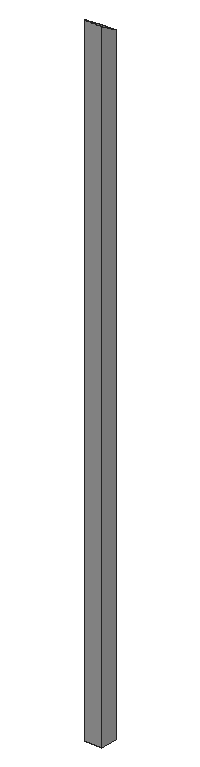
Revit family "Post_Square", category Balusters, Revit 2024
Family settings
  Always vertical = Yes
  Cut with Voids When Loaded = No
  Shared = No
Parameters (values of type "20mm")
  built-in parameter 1008623 [instance] = 32.47°
  built-in parameter 1008625 [instance] = (empty or 0)
  Post = no
  Material = _Default - Metal
  Width = 20 mm
  EA_Repath [instance] = 0 mm
  built-in parameter 1008624 [instance] = (empty or 0)
  built-in parameter 1008622 [instance] = 762 mm
Reference planes
  plane 1 "Center (Front/Back)": y = 0
  plane 2: z = 0
  plane 3 "Center (Left/Right)": x = 0
  plane 4: z = 762
  plane 5 "Baluster Top": through (0, 345.134, 542.379) normal (0, -0.5369, -0.8437)
  plane 6: z = 990.6
Forms (mm)
  Extrusion 1, solid, material "_Default - Metal" <- "Material"
    sketch origin (0, 0, 0) x (1, 0, 0) y (0, 1, 0)
      loop
        line (-10, 10) -> (-10, -10) -> (10, -10) -> (10, 10) -> (-10, 10)
    from 0 to 990.6
  Extrusion 2, void
    sketch origin (0, 0, 0) x (0, 1, 0) y (0, 0, 1)
      loop
        line (-35.4, 990.6) -> (-35.4, 784.526) -> (35.4, 739.474) -> (35.4, 990.6) -> (-35.4, 990.6)
    from -47.205 to 47.226
Cuts and joins
  Extrusion 2 cuts Extrusion 1
Dimensions and locks
  "built-in parameter 1008622": plane 2 to plane 4
  locked: plane 4 to plane 6 at 228.6
  equal spacing: Extrusion 1 sketch curve, plane 3 "Center (Left/Right)", Extrusion 1 sketch curve
  equal spacing: Extrusion 1 sketch curve, plane 1 "Center (Front/Back)", Extrusion 1 sketch curve
  "Width": Extrusion 1 sketch curve to Extrusion 1 sketch curve  (x2)
  locked: Extrusion 2 sketch curve to cut or joined group of Extrusion 1, Extrusion 2 at 25.4
  locked: cut or joined group of Extrusion 1, Extrusion 2 to Extrusion 2 sketch curve at 25.4
  "built-in parameter 1008623": angle plane 4 to plane 5 "Baluster Top"
  aligned and locked: Extrusion 1 to plane 6
Automatic sketch dimensions
  Extrusion 2 sketch curve to plane 5 "Baluster Top" = 0 mm  (x2)
  Extrusion 2 sketch curve to plane 6 = 0 mm
